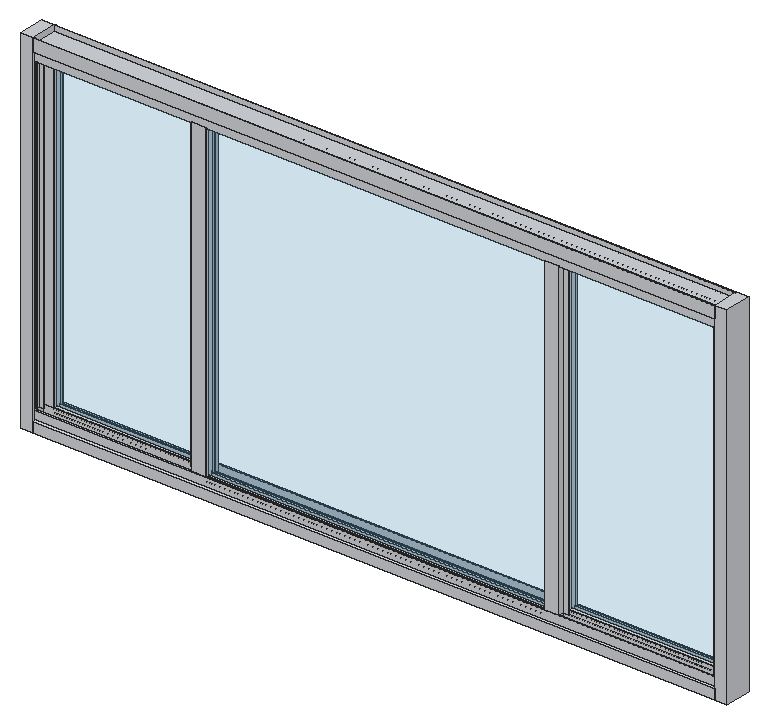
Revit family "MT-VMS_DB-SG_XOX", category Windows, host Wall, Revit 2017 (continued)
Definition of nested family "VMS_DB-SG_XOX_101mm"
  Nested families
    nested 3: "MAIN FRAME 101.6MM_MEDIUM" at (-1000, 0, 0), type "MAIN FRAME 101.6MM_MEDIUM", detail levels medium
    nested 4: "MAIN FRAME 101.6MM_MEDIUM" at (1000, -101.6, 0) x (-1, 0, 0) z (0, 0, 1), type "MAIN FRAME 101.6MM_MEDIUM", detail levels medium
    nested 5: "AS1C CAVITY MAIN FRAME" at (-955, 0, 0), type "AS1C CAVITY MAIN FRAME", detail levels fine
    nested 6: "AS1C CAVITY MAIN FRAME" at (955, -101.6, 0) x (-1, 0, 0) z (0, 0, 1), type "AS1C CAVITY MAIN FRAME", detail levels fine
    nested 7: "VMS_VM8_HEAD DETAIL_FINE" at (0, -101.6, 1000) x (0, 1, 0) z (1, 0, 0), type "VMS_VM8_HEAD DETAIL_FINE", detail levels fine
    nested 8: "VMS_VM10_BOT DETAIL_FINE" at (0, -101.3, 0) x (0, 1, 0) z (1, 0, 0), type "VMS_VM10_BOT DETAIL_FINE", detail levels fine
    nested 9: "VMS_VM8_HEAD DETAIL_MEDIUM" at (0, 0, 1000) x (0, -1, 0) z (1, 0, 0), type "VMS_VM8_HEAD DETAIL_MEDIUM", detail levels medium
    nested 10: "VMS_VM10_BOT DETAIL_MEDIUM" at (0, 0, 0) x (0, -1, 0) z (1, 0, 0), type "VMS_VM10_BOT DETAIL_MEDIUM", detail levels medium
    nested 11: "VMS_DB-SG_GLAZED PANEL" at (0, -66.6, 56), Sash Material <- "FRAME MATERIAL", type "VMS_DB-SG_GLAZED MID PANEL"
      with OPEN no
  Definition of nested family "VMS_DB-SG_GLAZED PANEL"
    Parameters (values of type "VMS_DB-SG_GLAZED MID PANEL")
      YEAR = "2018"  # constant formula
      VERSION = "2.0"  # constant formula
      TODAYS DATE = "22/11/2018"  # constant formula
      Sash Material [instance] = none
      SINGLE GLAZED THICKNESS = 5 mm
      SINGLE GLAZED = not(DOUBLE GLAZED)  # yes
      PANEL WIDTH = 1020 mm
      PANEL HEIGHT = 894 mm
      OPEN [instance] = yes
      GLAZED WIDTH [instance] = 984 mm
      GLAZED RAIL MATERIAL = none
      GLAZED MATERIAL = none
      DOUBLE GLAZED THICKNESS = 15 mm
      DOUBLE GLAZED = no
      CREATOR = "Scott Isouard"  # constant formula
      COMPANY = "Archvis"  # constant formula
      Analytic Construction = "<None>"
      ANZRC COMPLIANT = "Yes"  # constant formula
      AIR POCKET = DOUBLE GLAZED THICKNESS - 10 mm  # 5 mm
    Types (2, lengths in mm): name | PANEL WIDTH | GLAZED WIDTH
      VMS_DB-SG_GLAZED PANEL | 460 | 424
      VMS_DB-SG_GLAZED MID PANEL | 1020 | 984
    Reference planes
      plane 1 "Center (Front/Back)": y = 0
      plane 2: z = 0
      plane 3 "Center (Left/Right)": x = 0
      plane 4: x = -510
      plane 5: x = 510
      plane 6: x = -492
      plane 7: x = 492
      plane 8: z = 894
      plane 9: z = 874
      plane 10: z = 20
      plane 11: z = 447
      plane 12: x = -482.086
      plane 13: x = 482
      plane 14: z = 10
      plane 15: z = 884
    Forms (mm)
      Extrusion 1, solid, material <- "GLAZED MATERIAL", visible <- "SINGLE GLAZED"
        sketch origin (0, 0, 0) x (1, 0, 0) y (0, 1, 0)
          loop
            line (-492, 2.5) -> (-492, -2.5) -> (492, -2.5) -> (492, 2.5) -> (-492, 2.5)
        from 10 to 884
      Extrusion 2, solid, material <- "GLAZED MATERIAL", visible <- "DOUBLE GLAZED"
        sketch origin (0, 0, 0) x (1, 0, 0) y (0, 1, 0)
          loop
            line (-492, 7.5) -> (-492, 2.5) -> (492, 2.5) -> (492, 7.5) -> (-492, 7.5)
          loop
            line (-492, -2.5) -> (-492, -7.5) -> (492, -7.5) -> (492, -2.5) -> (-492, -2.5)
        from 10 to 884
      Sweep 3, solid, material <- "Sash Material"
        path origin (0, 0, 0) x (1, 0, 0) y (0, 0, 1)
          loop
            line (-510, 894) -> (-510, 0)
        profile "VM__PROFILE_SACH SILL : VM__PROFILE_SACH SILL" origin (-510, 0, 447) x (1, 0, 0) y (0, -1, 0)
          loop
            line (0, 13.45) -> (0, -13.45) -> (28, -13.45) -> (28, -9.95) -> (10, -9.95) -> (10, 9.95) -> (28, 9.95) -> (28, 13.45) -> (0, 13.45)
      Sweep 4, solid, material <- "Sash Material"
        path origin (0, 0, 0) x (1, 0, 0) y (0, 0, 1)
          loop
            line (510, 894) -> (510, 0)
        profile "VM__PROFILE_SACH SILL : VM__PROFILE_SACH SILL" origin (510, 0, 447) x (1, 0, 0) y (0, -1, 0)
          loop
            line (0, 13.45) -> (-28, 13.45) -> (-28, 9.95) -> (-10, 9.95) -> (-10, -9.95) -> (-28, -9.95) -> (-28, -13.45) -> (0, -13.45) -> (0, 13.45)
      Sweep 5, solid, material <- "Sash Material"
        path origin (0, 0, 0) x (1, 0, 0) y (0, 0, 1)
          loop
            line (-482.086, 894) -> (482, 894)
        profile "VM__PROFILE_GLAZED RAIL : VM__PROFILE_GLAZED RAIL" origin (-0.043, 0, 894) x (0, 0, 1) y (0, -1, 0)
          loop
            line (-5.417, -13.45) -> (0, -8.033) -> (0, 8.033) -> (-5.417, 13.45) -> (-19.826, 13.45) -> (-19.826, 6.25) -> (-10, 6.25) -> (-10, -6.25) -> (-19.826, -6.25) -> (-19.826, -13.45) -> (-5.417, -13.45)
      Sweep 6, solid, material <- "Sash Material"
        path origin (0, 0, 0) x (1, 0, 0) y (0, 0, 1)
          loop
            line (482, 0) -> (-482.086, 0)
        profile "VM__PROFILE_GLAZED RAIL : VM__PROFILE_GLAZED RAIL" origin (-0.043, 0, 0) x (0, 0, -1) y (0, -1, 0)
          loop
            line (-5.417, -13.45) -> (0, -8.033) -> (0, 8.033) -> (-5.417, 13.45) -> (-19.826, 13.45) -> (-19.826, 6.25) -> (-10, 6.25) -> (-10, -6.25) -> (-19.826, -6.25) -> (-19.826, -13.45) -> (-5.417, -13.45)
    Lines and regions (mm)
      Masking region 1, detail levels coarse
        outline origin (0, 0, 0) x (1, 0, 0) y (0, 1, 0)
          loop
            line (-482.086, 13.45) -> (-510, 13.45) -> (-510, -13.45) -> (-482.086, -13.45) -> (-482.086, 13.45)
          loop
            line (482, 13.45) -> (482, -13.45) -> (510, -13.45) -> (510, 13.45) -> (482, 13.45)
      Masking region 2, detail levels coarse
        outline origin (0, 0, 0) x (0, 1, 0) y (0, 0, 1)
          loop
            line (13.45, 894) -> (-13.45, 894) -> (-13.45, 874.174) -> (13.45, 874.174) -> (13.45, 894)
          loop
            line (13.45, 20) -> (-13.45, 20) -> (-13.45, 0) -> (13.45, 0) -> (13.45, 20)
      model lines, visible <- "OPEN", not visible
        curve 1: line (116.296, -13.45, 713.931) -> (-19.098, -13.45, 715.656)
        curve 2: line (-134.348, -13.45, 741.334) -> (8.162, -13.45, 666.42)
        curve 3: line (8.162, -13.45, 666.42) -> (-19.098, -13.45, 715.656)
        curve 4: line (116.912, -13.45, 762.344) -> (-18.481, -13.45, 764.068)
        curve 5: line (-134.348, -13.45, 741.334) -> (10.023, -13.45, 812.593)
        curve 6: line (10.023, -13.45, 812.593) -> (-18.481, -13.45, 764.068)
        curve 7: line (116.296, -13.45, 713.931) -> (116.912, -13.45, 762.344)
        curve 8: line (116.604, -13.45, 738.138) -> (-134.348, -13.45, 741.334)
        curve 9: line (-2.207, 13.452, 837.659) -> (-4.793, 13.452, 634.675)
      model lines, visible <- "OPEN"
        curve 10: line (120.069, -13.45, 471.208) -> (-15.335, -13.45, 471.208)
        curve 11: line (-130.903, -13.45, 447) -> (12.549, -13.45, 520.092)
        curve 12: line (12.549, -13.45, 520.092) -> (-15.335, -13.45, 471.208)
        curve 13: line (120.069, -13.45, 422.792) -> (-15.335, -13.45, 422.792)
        curve 14: line (-130.903, -13.45, 447) -> (12.549, -13.45, 373.908)
        curve 15: line (12.549, -13.45, 373.908) -> (-15.335, -13.45, 422.792)
        curve 16: line (120.069, -13.45, 471.208) -> (120.069, -13.45, 422.792)
        curve 17: line (120.069, -13.45, 447) -> (-130.903, -13.45, 447)
        curve 18: line (0, 13.452, 349) -> (0, 13.452, 552)
      symbolic lines
        curve 19: line (-496.086, 13.45, 0) -> (496.088, 13.45, 0)
        curve 20: line (-496.086, -13.45, 0) -> (492, -13.45, 0)
        curve 21: line (0, 13.45, 884) -> (0, 13.45, 10)
        curve 22: line (0, -13.45, 884) -> (0, -13.45, 10)
      symbolic lines, visible <- "OPEN"
        curve 23: line (28.745, 39.04, 0) -> (-26.255, 39.04, 0)
        curve 24: line (-26.255, 39.04, 0) -> (-19.184, 46.111, 0)
        curve 25: line (-26.255, 39.04, 0) -> (-19.184, 31.969, 0)
    Dimensions and locks
      equal spacing: plane 4, plane 3 "Center (Left/Right)", plane 5
      "PANEL WIDTH": plane 4 to plane 5
      "PANEL HEIGHT": plane 8 to plane 2
      equal spacing: Extrusion 1 sketch curve, plane 1 "Center (Front/Back)", Extrusion 1 sketch curve
      "SINGLE GLAZED THICKNESS": Extrusion 1 sketch curve to Extrusion 1 sketch curve
      equal spacing: plane 8, plane 11, plane 2
      equal spacing: Extrusion 2 sketch curve, plane 1 "Center (Front/Back)", Extrusion 2 sketch curve  (x2)
      "AIR POCKET": Extrusion 2 sketch curve to Extrusion 2 sketch curve
      "DOUBLE GLAZED THICKNESS": Extrusion 2 sketch curve to Extrusion 2 sketch curve
      locked: plane 4 to plane 12 at 27.914
      locked: plane 13 to plane 5 at 28
      locked: plane 8 to plane 9 at 20
      locked: plane 4 to plane 6 at 18
      locked: plane 7 to plane 5 at 18
      "GLAZED WIDTH": plane 6 to plane 7
      locked: plane 10 to plane 2 at 20
      locked: plane 14 to plane 2 at 10
      locked: plane 8 to plane 15 at 10
      aligned and locked: level to plane 2
      aligned and locked: plane 6 to Extrusion 2 sketch curve  (x2)
      aligned and locked: Extrusion 2 sketch curve to plane 7  (x2)
      aligned and locked: plane 4 to Sweep 3 sketch curve
      aligned and locked: plane 2 to Sweep 3 sketch curve
      aligned and locked: plane 8 to Sweep 3 sketch curve
      aligned and locked: Sweep 4 sketch curve to plane 5
      aligned and locked: plane 8 to Sweep 4 sketch curve
      aligned and locked: plane 2 to Sweep 4 sketch curve
      aligned and locked: Extrusion 1 sketch curve to plane 7
      aligned and locked: plane 6 to Extrusion 1 sketch curve
      aligned and locked: plane 11 to curve 17
      aligned and locked: plane 3 "Center (Left/Right)" to curve 18
      aligned and locked: Sweep 5 sketch curve to plane 8
      aligned and locked: plane 12 to Sweep 5 sketch curve
      aligned and locked: plane 13 to Sweep 5 sketch curve
      aligned and locked: plane 2 to Sweep 6 sketch curve
      aligned and locked: plane 13 to Sweep 6 sketch curve
      aligned and locked: plane 12 to Sweep 6 sketch curve
      aligned and locked: Sweep 5 to Masking region 1 sketch curve  (x2)
      aligned and locked: Masking region 1 sketch curve to Sweep 5  (x3)
      aligned and locked: Masking region 1 sketch curve to plane 4
      aligned and locked: Masking region 1 sketch curve to plane 5
      aligned and locked: Masking region 1 to Sweep 5
      aligned and locked: curve 20 to Sweep 5
      aligned and locked: Masking region 2 sketch curve to Sweep 4  (x2)
      aligned and locked: Sweep 4 to Masking region 2 sketch curve  (x2)
      aligned and locked: Masking region 2 sketch curve to Sweep 5  (x2)
      aligned and locked: Masking region 2 sketch curve to Sweep 6
      aligned and locked: Masking region 2 sketch curve to plane 10
      aligned and locked: nested 1 to plane 1 "Center (Front/Back)"
      aligned and locked: plane 2 to nested 1
      aligned and locked: nested 2 to plane 8
      aligned and locked: plane 1 "Center (Front/Back)" to nested 2
      aligned and locked: nested 3 to plane 8
      aligned and locked: plane 1 "Center (Front/Back)" to nested 3
      aligned and locked: plane 2 to nested 4
      aligned and locked: nested 4 to plane 1 "Center (Front/Back)"
      aligned and locked: Extrusion 2 to Sweep 6
      aligned and locked: Extrusion 2 to Extrusion 1  (x2)
      aligned and locked: nested 5 to plane 8
      aligned and locked: plane 1 "Center (Front/Back)" to nested 5
      aligned and locked: plane 2 to nested 6
      aligned and locked: nested 6 to plane 1 "Center (Front/Back)"
      aligned and locked: plane 2 to nested 7
      aligned and locked: nested 7 to plane 1 "Center (Front/Back)"
      aligned and locked: nested 8 to plane 8
      aligned and locked: plane 1 "Center (Front/Back)" to nested 8
      aligned and locked: Sweep 3 to curve 21
      aligned and locked: curve 22 to Sweep 3
      aligned and locked: curve 19 to Sweep 5
      aligned and locked: plane 7 to curve 20
      aligned and locked: plane 15 to curve 22
      aligned and locked: plane 15 to curve 21
      aligned and locked: plane 14 to curve 21
      aligned and locked: plane 14 to curve 22
      aligned and locked: plane 15 to Extrusion 2
      aligned and locked: plane 4 to nested 9
      aligned and locked: nested 9 to Sweep 3
      aligned and locked: plane 4 to nested 10
      aligned and locked: nested 10 to nested 9
      aligned and locked: plane 4 to nested 11
      aligned and locked: Masking region 1 to plane 13
      aligned and locked: plane 4 to nested 12
      aligned and locked: nested 12 to Sweep 5
      aligned and locked: plane 5 to nested 13
      aligned and locked: nested 13 to Sweep 4
      aligned and locked: plane 5 to nested 14
      aligned and locked: nested 14 to nested 13
      aligned and locked: plane 5 to nested 15
      aligned and locked: nested 14 to nested 15
      aligned and locked: plane 5 to nested 16
      aligned and locked: nested 16 to nested 15  (x2)
      aligned and locked: curve 19 to nested 16
      aligned and locked: nested 12 to curve 19
      aligned and locked: curve 20 to nested 12
    Automatic sketch dimensions
      curve 9 to curve 2 = 34.287 mm
      curve 2 to curve 7 = 118.111 mm
      curve 1 to curve 8 = 24.208 mm
      curve 3 to curve 4 = 48.416 mm
      curve 4 to curve 5 = 56.278 mm
      curve 5 to curve 9 = 27.89 mm
      curve 3 to curve 1 = 118.111 mm
      curve 6 to curve 4 = 118.111 mm
      curve 9 to curve 5 = 27.89 mm
      curve 3 to curve 2 = 56.278 mm
      curve 6 to curve 3 = 48.416 mm
      curve 8 to curve 4 = 118.076 mm
      curve 18 to curve 11 = 34.287 mm
      curve 11 to curve 16 = 118.111 mm
      curve 10 to curve 17 = 24.208 mm
      curve 12 to curve 13 = 48.416 mm
      curve 13 to curve 14 = 56.278 mm
      curve 14 to curve 18 = 27.89 mm
      curve 12 to curve 10 = 118.111 mm
      curve 15 to curve 13 = 118.111 mm
      curve 18 to curve 14 = 27.89 mm
      curve 12 to curve 11 = 56.278 mm
      curve 15 to curve 12 = 48.416 mm
      curve 17 to curve 13 = 118.076 mm
      curve 18 to curve 18 = 2.585 mm
      curve 18 to curve 18 = 202.984 mm
      curve 11 to curve 16 = 47.511 mm
      curve 11 to curve 12 = 49.235 mm
      curve 10 to curve 11 = 25.678 mm
      curve 10 to curve 16 = 48.412 mm
      curve 10 to curve 13 = 48.412 mm
      curve 13 to curve 15 = 48.525 mm
      curve 11 to curve 12 = 115.25 mm
      curve 10 to curve 15 = 0.617 mm
      curve 10 to curve 12 = 27.26 mm
      curve 13 to curve 14 = 28.505 mm
      curve 9 to curve 9 = 2.585 mm
      curve 9 to curve 9 = 202.984 mm
      curve 2 to curve 7 = 47.511 mm
      curve 2 to curve 3 = 49.235 mm
      curve 1 to curve 2 = 25.678 mm
      curve 1 to curve 7 = 48.412 mm
      curve 1 to curve 4 = 48.412 mm
      curve 4 to curve 6 = 48.525 mm
      curve 3 to curve 2 = 115.25 mm
      curve 6 to curve 1 = 0.617 mm
      curve 3 to curve 1 = 27.26 mm
      curve 5 to curve 4 = 28.505 mm
      Masking region 1 sketch curve to plane 13 = 0 mm
      curve 23 to plane 3 "Center (Left/Right)" = 26.255 mm
      curve 24 to plane 1 "Center (Front/Back)" = 39.04 mm
      plane 3 "Center (Left/Right)" to curve 23 = 28.745 mm
      curve 24 to curve 24 = 7.071 mm
      curve 25 to curve 25 = 7.071 mm  (x2)
      curve 19 to plane 6 = 4.086 mm
      curve 20 to plane 6 = 4.086 mm
      plane 7 to curve 19 = 4.088 mm
    Nested families
      nested 1: "VM62_DOUBLE GLAZE RAIL_Mid detail" at (0, 0, 0) x (0, 0, 1) z (1, 0, 0), visible <- "DOUBLE GLAZED", type "VM62_DOUBLE GLAZE RAIL_Mid detail", detail levels medium
      nested 2: "VM62_DOUBLE GLAZE RAIL_Mid detail" at (0, 0, 894) x (0, 0, -1) z (1, 0, 0), visible <- "DOUBLE GLAZED", type "VM62_DOUBLE GLAZE RAIL_Mid detail", detail levels medium
      nested 3: "VM62_SGL GLAZE RAIL_Mid detail" at (0, 0, 894) x (0, 0, -1) z (1, 0, 0), visible <- "SINGLE GLAZED", type "VM62_SGL GLAZE RAIL_Mid detail", detail levels medium
      nested 4: "VM62_SGL GLAZE RAIL_Mid detail" at (0, 0, 0) x (0, 0, 1) z (1, 0, 0), visible <- "SINGLE GLAZED", type "VM62_SGL GLAZE RAIL_Mid detail", detail levels medium
      nested 5: "vm1_single glaze rail" at (0, 0, 894) x (0, 0, -1) z (1, 0, 0), visible <- "SINGLE GLAZED", type "vm1_single glaze rail", detail levels fine
      nested 6: "vm1_single glaze rail" at (0, 0, 0) x (0, 0, 1) z (1, 0, 0), visible <- "SINGLE GLAZED", type "vm1_single glaze rail", detail levels fine
      nested 7: "VM62_DOUBLE GLAZE RAIL" at (0, 0, 0) x (0, 0, 1) z (1, 0, 0), visible <- "DOUBLE GLAZED", type "VM62_DOUBLE GLAZE RAIL", detail levels fine
      nested 8: "VM62_DOUBLE GLAZE RAIL" at (0, 0, 894) x (0, 0, -1) z (1, 0, 0), visible <- "DOUBLE GLAZED", type "VM62_DOUBLE GLAZE RAIL", detail levels fine
      nested 9: "VMS_V3_SGL_FINE" at (-510, 13.45, 0), visible <- "SINGLE GLAZED", type "VMS_V3_SGL_FINE", detail levels fine
      nested 10: "VMS_V3_SGL_MEDIUM" at (-510, 13.45, 0), visible <- "SINGLE GLAZED", type "VMS_V3_SGL_MEDIUM", detail levels medium
      nested 11: "VMS_VM64_SILL DETAIL_FINE" at (-510, 13.45, 0), visible <- "DOUBLE GLAZED", type "VMS_VM64_SILL DETAIL_FINE", detail levels fine
      nested 12: "VMS_VM64_SILL DETAIL_MEDIUM" at (-510, 13.45, 0), visible <- "DOUBLE GLAZED", type "VMS_VM64_SILL DETAIL_MEDIUM", detail levels medium
      nested 13: "VMS_VM5_SILL DETAIL_FINE" at (510, -13.45, 0) x (0, 1, 0) z (0, 0, 1), visible <- "SINGLE GLAZED", type "VMS_VM5_SILL DETAIL_FINE", detail levels fine
      nested 14: "VMS_VM5_SILL DETAIL_MEDIUM" at (510, -13.45, 0) x (0, 1, 0) z (0, 0, 1), visible <- "SINGLE GLAZED", type "VMS_VM5_SILL DETAIL_MEDIUM", detail levels medium
      nested 15: "VMS_VM66_SILL DETAIL_FINE" at (510, -13.45, 0) x (0, 1, 0) z (0, 0, 1), visible <- "DOUBLE GLAZED", type "VMS_VM66_SILL DETAIL_FINE", detail levels fine
      nested 16: "VMS_VM66_SILL DETAIL_MEDIUM" at (510, -13.45, 0) x (0, 1, 0) z (0, 0, 1), visible <- "DOUBLE GLAZED", type "VMS_VM66_SILL DETAIL_MEDIUM", detail levels medium
    Definition of nested family "VM62_DOUBLE GLAZE RAIL_Mid detail"
      Reference planes
        plane 1 "Center (Front/Back)": y = 0
        plane 2: z = 0
        plane 3 "Center (Left/Right)": x = 0
        plane 4: x = 10
      Lines and regions (mm)
        detail lines, in view "Ref. Level"
          curve 1: line (19.826, 13.45, 0) -> (19.826, 10.52, 0)
          curve 2: line (19.826, 10.52, 0) -> (10, 10.52, 0)
          curve 3: line (10, -10.52, 0) -> (19.826, -10.52, 0)
          curve 4: line (19.826, -10.52, 0) -> (19.826, -13.45, 0)
          curve 5: line (19.826, -13.45, 0) -> (5.417, -13.45, 0)
          curve 6: line (5.417, -13.45, 0) -> (0, -8.033, 0)
          curve 7: line (0, -8.033, 0) -> (0, 8.033, 0)
          curve 8: line (0, 8.033, 0) -> (5.417, 13.45, 0)
          curve 9: line (5.417, 13.45, 0) -> (19.826, 13.45, 0)
          curve 10: line (10, -10.52, 0) -> (10, 10.52, 0)
      Dimensions and locks
        plane 3 "Center (Left/Right)" to plane 4 = 10 mm
    Definition of nested family "VM62_SGL GLAZE RAIL_Mid detail"
      Reference planes
        plane 1 "Center (Front/Back)": y = 0
        plane 2: z = 0
        plane 3 "Center (Left/Right)": x = 0
        plane 4: x = 10
      Lines and regions (mm)
        detail lines, in view "Ref. Level"
          curve 1: line (19.826, 13.45, 0) -> (19.826, 6.45, 0)
          curve 2: line (19.826, 6.45, 0) -> (10, 6.45, 0)
          curve 3: line (10, -6.45, 0) -> (19.826, -6.45, 0)
          curve 4: line (19.826, -6.45, 0) -> (19.826, -13.45, 0)
          curve 5: line (19.826, -13.45, 0) -> (5.417, -13.45, 0)
          curve 6: line (5.417, -13.45, 0) -> (0, -8.033, 0)
          curve 7: line (0, -8.033, 0) -> (0, 8.033, 0)
          curve 8: line (0, 8.033, 0) -> (5.417, 13.45, 0)
          curve 9: line (5.417, 13.45, 0) -> (19.826, 13.45, 0)
          curve 10: line (10, -6.45, 0) -> (10, 6.45, 0)
      Dimensions and locks
        plane 3 "Center (Left/Right)" to plane 4 = 10 mm
    Definition of nested family "vm1_single glaze rail"
      Reference planes
        plane 1 "Center (Front/Back)": y = 0
        plane 2: z = 0
        plane 3 "Center (Left/Right)": x = 0
      Lines and regions (mm)
        detail lines, in view "Ref. Level"
          curve 1: arc (5.316, -8.679, 0) -> (5.078, -8.372, 0) -> (4.771, -8.134, 0) r 1.525
          curve 2: arc (3.99, -7.925, 0) -> (3.633, -7.97, 0) -> (3.297, -8.097, 0) r 1.525
          curve 3: arc (2.647, -8.747, 0) -> (2.525, -9.062, 0) -> (2.476, -9.396, 0) r 1.525
          curve 4: arc (2.476, -9.396, 0) -> (2.18, -9.815, 0) -> (1.678, -9.711, 0) r 0.468
          curve 5: arc (0.088, -8.121, 0) -> (0.023, -8.024, 0) -> (0, -7.909, 0) r 0.3
          curve 6: arc (0, 7.909, 0) -> (0.023, 8.024, 0) -> (0.088, 8.121, 0) r 0.3
          curve 7: arc (1.678, 9.711, 0) -> (2.18, 9.815, 0) -> (2.476, 9.396, 0) r 0.468
          curve 8: arc (2.476, 9.396, 0) -> (2.525, 9.062, 0) -> (2.647, 8.747, 0) r 1.525
          curve 9: arc (3.297, 8.097, 0) -> (3.633, 7.97, 0) -> (3.99, 7.925, 0) r 1.525
          curve 10: arc (4.771, 8.134, 0) -> (5.078, 8.372, 0) -> (5.316, 8.679, 0) r 1.525
          curve 11: arc (5.525, 9.46, 0) -> (5.48, 9.817, 0) -> (5.353, 10.153, 0) r 1.525
          curve 12: arc (4.703, 10.803, 0) -> (4.388, 10.925, 0) -> (4.054, 10.974, 0) r 1.525
          curve 13: arc (4.054, 10.974, 0) -> (3.635, 11.27, 0) -> (3.739, 11.772, 0) r 0.468
          curve 14: arc (5.329, 13.362, 0) -> (5.426, 13.427, 0) -> (5.541, 13.45, 0) r 0.3
          curve 15: arc (13.831, 13.45, 0) -> (14.236, 13.045, 0) -> (13.831, 12.64, 0) r 0.405
          curve 16: arc (13.126, 11.82, 0) -> (13.214, 11.608, 0) -> (13.426, 11.52, 0) r 0.3
          curve 17: arc (13.936, 11.52, 0) -> (14.149, 11.432, 0) -> (14.236, 11.22, 0) r 0.3
          curve 18: arc (14.236, 10.62, 0) -> (14.149, 10.408, 0) -> (13.936, 10.32, 0) r 0.3
          curve 19: arc (13.426, 10.32, 0) -> (13.214, 10.232, 0) -> (13.126, 10.02, 0) r 0.3
          curve 20: arc (13.126, 8.576, 0) -> (13.214, 8.364, 0) -> (13.426, 8.276, 0) r 0.3
          curve 21: arc (18.226, 8.276, 0) -> (18.439, 8.364, 0) -> (18.526, 8.576, 0) r 0.3
          curve 22: arc (18.526, 10.02, 0) -> (18.439, 10.232, 0) -> (18.226, 10.32, 0) r 0.3
          curve 23: arc (17.716, 10.32, 0) -> (17.504, 10.408, 0) -> (17.416, 10.62, 0) r 0.3
          curve 24: arc (17.416, 11.22, 0) -> (17.504, 11.432, 0) -> (17.716, 11.52, 0) r 0.3
          curve 25: arc (18.226, 11.52, 0) -> (18.439, 11.608, 0) -> (18.526, 11.82, 0) r 0.3
          curve 26: arc (17.821, 12.64, 0) -> (17.416, 13.045, 0) -> (17.821, 13.45, 0) r 0.405
          curve 27: arc (19.026, 13.45, 0) -> (19.592, 13.216, 0) -> (19.826, 12.65, 0) r 0.8
          curve 28: arc (19.826, 6.961, 0) -> (19.751, 6.727, 0) -> (19.553, 6.581, 0) r 0.4
          curve 29: arc (18.59, 6.26, 0) -> (18.409, 6.288, 0) -> (18.326, 6.45, 0) r 0.2
          curve 30: arc (17.137, 6.284, 0) -> (16.932, 6.274, 0) -> (16.826, 6.45, 0) r 0.2
          curve 31: arc (15.637, 6.284, 0) -> (15.432, 6.274, 0) -> (15.326, 6.45, 0) r 0.2
          curve 32: arc (14.137, 6.284, 0) -> (13.932, 6.274, 0) -> (13.826, 6.45, 0) r 0.2
          curve 33: arc (13.426, 7.25, 0) -> (12.366, 7.689, 0) -> (11.926, 8.75, 0) r 1.5
          curve 34: arc (11.926, 11.75, 0) -> (11.839, 11.962, 0) -> (11.626, 12.05, 0) r 0.3
          curve 35: arc (6.463, 12.05, 0) -> (6.188, 11.87, 0) -> (6.244, 11.545, 0) r 0.3
          curve 36: arc (6.244, 11.545, 0) -> (7.057, 9.17, 0) -> (5.826, 6.982, 0) r 3.07
          curve 37: arc (5.826, 6.982, 0) -> (3.825, 6.385, 0) -> (1.905, 7.206, 0) r 3.07
          curve 38: arc (1.905, 7.206, 0) -> (1.58, 7.262, 0) -> (1.4, 6.987, 0) r 0.3
          curve 39: arc (1.4, -6.987, 0) -> (1.58, -7.262, 0) -> (1.905, -7.206, 0) r 0.3
          curve 40: arc (1.905, -7.206, 0) -> (3.825, -6.385, 0) -> (5.826, -6.982, 0) r 3.07
          curve 41: arc (5.826, -6.982, 0) -> (7.057, -9.17, 0) -> (6.244, -11.545, 0) r 3.07
          curve 42: arc (6.244, -11.545, 0) -> (6.188, -11.87, 0) -> (6.463, -12.05, 0) r 0.3
          curve 43: arc (11.626, -12.05, 0) -> (11.839, -11.962, 0) -> (11.926, -11.75, 0) r 0.3
          curve 44: arc (11.926, -8.75, 0) -> (12.366, -7.689, 0) -> (13.426, -7.25, 0) r 1.5
          curve 45: arc (13.826, -6.45, 0) -> (13.932, -6.274, 0) -> (14.137, -6.284, 0) r 0.2
          curve 46: arc (15.326, -6.45, 0) -> (15.432, -6.274, 0) -> (15.637, -6.284, 0) r 0.2
          curve 47: arc (16.826, -6.45, 0) -> (16.932, -6.274, 0) -> (17.137, -6.284, 0) r 0.2
          curve 48: arc (18.326, -6.45, 0) -> (18.409, -6.288, 0) -> (18.59, -6.26, 0) r 0.2
          curve 49: arc (19.553, -6.581, 0) -> (19.751, -6.727, 0) -> (19.826, -6.961, 0) r 0.4
          curve 50: arc (19.826, -12.65, 0) -> (19.592, -13.216, 0) -> (19.026, -13.45, 0) r 0.8
          curve 51: arc (17.821, -13.45, 0) -> (17.416, -13.045, 0) -> (17.821, -12.64, 0) r 0.405
          curve 52: arc (18.526, -11.82, 0) -> (18.439, -11.608, 0) -> (18.226, -11.52, 0) r 0.3
          curve 53: arc (17.716, -11.52, 0) -> (17.504, -11.432, 0) -> (17.416, -11.22, 0) r 0.3
          curve 54: arc (17.416, -10.62, 0) -> (17.504, -10.408, 0) -> (17.716, -10.32, 0) r 0.3
          curve 55: arc (18.226, -10.32, 0) -> (18.439, -10.232, 0) -> (18.526, -10.02, 0) r 0.3
          curve 56: arc (18.526, -8.576, 0) -> (18.439, -8.364, 0) -> (18.226, -8.276, 0) r 0.3
          curve 57: arc (13.426, -8.276, 0) -> (13.214, -8.364, 0) -> (13.126, -8.576, 0) r 0.3
          curve 58: arc (13.126, -10.02, 0) -> (13.214, -10.232, 0) -> (13.426, -10.32, 0) r 0.3
          curve 59: arc (13.936, -10.32, 0) -> (14.149, -10.408, 0) -> (14.236, -10.62, 0) r 0.3
          curve 60: arc (14.236, -11.22, 0) -> (14.149, -11.432, 0) -> (13.936, -11.52, 0) r 0.3
          curve 61: arc (13.426, -11.52, 0) -> (13.214, -11.608, 0) -> (13.126, -11.82, 0) r 0.3
          curve 62: arc (13.831, -12.64, 0) -> (14.236, -13.045, 0) -> (13.831, -13.45, 0) r 0.405
          curve 63: arc (5.541, -13.45, 0) -> (5.426, -13.427, 0) -> (5.329, -13.362, 0) r 0.3
          curve 64: arc (3.739, -11.772, 0) -> (3.635, -11.27, 0) -> (4.054, -10.974, 0) r 0.468
          curve 65: arc (4.054, -10.974, 0) -> (4.388, -10.925, 0) -> (4.703, -10.803, 0) r 1.525
          curve 66: arc (5.353, -10.153, 0) -> (5.48, -9.817, 0) -> (5.525, -9.46, 0) r 1.525
          curve 67: line (4.771, -8.134, 0) -> (4.485, -7.639, 0)
          curve 68: line (4.485, -7.639, 0) -> (3.99, -7.925, 0)
          curve 69: line (3.297, -8.097, 0) -> (2.675, -8.125, 0)
          curve 70: line (2.675, -8.125, 0) -> (2.647, -8.747, 0)
          curve 71: line (1.678, -9.711, 0) -> (0.088, -8.121, 0)
          curve 72: line (0, -7.909, 0) -> (0, 7.909, 0)
          curve 73: line (0.088, 8.121, 0) -> (1.678, 9.711, 0)
          curve 74: line (2.647, 8.747, 0) -> (2.675, 8.125, 0)
          curve 75: line (2.675, 8.125, 0) -> (3.297, 8.097, 0)
          curve 76: line (3.99, 7.925, 0) -> (4.485, 7.639, 0)
          curve 77: line (4.485, 7.639, 0) -> (4.771, 8.134, 0)
          curve 78: line (5.316, 8.679, 0) -> (5.811, 8.965, 0)
          curve 79: line (5.811, 8.965, 0) -> (5.525, 9.46, 0)
          curve 80: line (5.353, 10.153, 0) -> (5.325, 10.775, 0)
          curve 81: line (5.325, 10.775, 0) -> (4.703, 10.803, 0)
          curve 82: line (3.739, 11.772, 0) -> (5.329, 13.362, 0)
          curve 83: line (5.541, 13.45, 0) -> (13.831, 13.45, 0)
          curve 84: line (13.831, 12.64, 0) -> (13.126, 12.64, 0)
          curve 85: line (13.126, 12.64, 0) -> (13.126, 11.82, 0)
          curve 86: line (13.426, 11.52, 0) -> (13.936, 11.52, 0)
          curve 87: line (14.236, 11.22, 0) -> (14.236, 10.62, 0)
          curve 88: line (13.936, 10.32, 0) -> (13.426, 10.32, 0)
          curve 89: line (13.126, 10.02, 0) -> (13.126, 8.576, 0)
          curve 90: line (13.426, 8.276, 0) -> (18.226, 8.276, 0)
          curve 91: line (18.526, 8.576, 0) -> (18.526, 10.02, 0)
          curve 92: line (18.226, 10.32, 0) -> (17.716, 10.32, 0)
          curve 93: line (17.416, 10.62, 0) -> (17.416, 11.22, 0)
          curve 94: line (17.716, 11.52, 0) -> (18.226, 11.52, 0)
          curve 95: line (18.526, 11.82, 0) -> (18.526, 12.64, 0)
          curve 96: line (18.526, 12.64, 0) -> (17.821, 12.64, 0)
          curve 97: line (17.821, 13.45, 0) -> (19.026, 13.45, 0)
          curve 98: line (19.826, 12.65, 0) -> (19.826, 6.961, 0)
          curve 99: line (19.553, 6.581, 0) -> (18.59, 6.26, 0)
          curve 100: line (18.326, 6.45, 0) -> (18.326, 7.076, 0)
          curve 101: line (18.326, 7.076, 0) -> (17.137, 6.284, 0)
          curve 102: line (16.826, 6.45, 0) -> (16.826, 7.076, 0)
          curve 103: line (16.826, 7.076, 0) -> (15.637, 6.284, 0)
          curve 104: line (15.326, 6.45, 0) -> (15.326, 7.076, 0)
          curve 105: line (15.326, 7.076, 0) -> (14.137, 6.284, 0)
          curve 106: line (13.826, 6.45, 0) -> (13.826, 7.25, 0)
          curve 107: line (13.826, 7.25, 0) -> (13.426, 7.25, 0)
          curve 108: line (11.926, 8.75, 0) -> (11.926, 11.75, 0)
          curve 109: line (11.626, 12.05, 0) -> (6.463, 12.05, 0)
          curve 110: line (1.4, 6.987, 0) -> (1.4, -6.987, 0)
          curve 111: line (6.463, -12.05, 0) -> (11.626, -12.05, 0)
          curve 112: line (11.926, -11.75, 0) -> (11.926, -8.75, 0)
          curve 113: line (13.426, -7.25, 0) -> (13.826, -7.25, 0)
          curve 114: line (13.826, -7.25, 0) -> (13.826, -6.45, 0)
          curve 115: line (14.137, -6.284, 0) -> (15.326, -7.076, 0)
          curve 116: line (15.326, -7.076, 0) -> (15.326, -6.45, 0)
          curve 117: line (15.637, -6.284, 0) -> (16.826, -7.076, 0)
          curve 118: line (16.826, -7.076, 0) -> (16.826, -6.45, 0)
          curve 119: line (17.137, -6.284, 0) -> (18.326, -7.076, 0)
          curve 120: line (18.326, -7.076, 0) -> (18.326, -6.45, 0)
          curve 121: line (18.59, -6.26, 0) -> (19.553, -6.581, 0)
          curve 122: line (19.826, -6.961, 0) -> (19.826, -12.65, 0)
          curve 123: line (19.026, -13.45, 0) -> (17.821, -13.45, 0)
          curve 124: line (17.821, -12.64, 0) -> (18.526, -12.64, 0)
          curve 125: line (18.526, -12.64, 0) -> (18.526, -11.82, 0)
          curve 126: line (18.226, -11.52, 0) -> (17.716, -11.52, 0)
          curve 127: line (17.416, -11.22, 0) -> (17.416, -10.62, 0)
          curve 128: line (17.716, -10.32, 0) -> (18.226, -10.32, 0)
          curve 129: line (18.526, -10.02, 0) -> (18.526, -8.576, 0)
          curve 130: line (18.226, -8.276, 0) -> (13.426, -8.276, 0)
          curve 131: line (13.126, -8.576, 0) -> (13.126, -10.02, 0)
          curve 132: line (13.426, -10.32, 0) -> (13.936, -10.32, 0)
          curve 133: line (14.236, -10.62, 0) -> (14.236, -11.22, 0)
          curve 134: line (13.936, -11.52, 0) -> (13.426, -11.52, 0)
          curve 135: line (13.126, -11.82, 0) -> (13.126, -12.64, 0)
          curve 136: line (13.126, -12.64, 0) -> (13.831, -12.64, 0)
          curve 137: line (13.831, -13.45, 0) -> (5.541, -13.45, 0)
          curve 138: line (5.329, -13.362, 0) -> (3.739, -11.772, 0)
          curve 139: line (4.703, -10.803, 0) -> (5.325, -10.775, 0)
          curve 140: line (5.325, -10.775, 0) -> (5.353, -10.153, 0)
          curve 141: line (5.525, -9.46, 0) -> (5.811, -8.965, 0)
          curve 142: line (5.811, -8.965, 0) -> (5.316, -8.679, 0)
    Definition of nested family "VM62_DOUBLE GLAZE RAIL"
      Reference planes
        plane 1 "Center (Front/Back)": y = 0
        plane 2: z = 0
        plane 3 "Center (Left/Right)": x = 0
      Lines and regions (mm)
        detail lines, in view "Ref. Level"
          curve 1: arc (17.821, 12.64, 0) -> (17.416, 13.045, 0) -> (17.821, 13.45, 0) r 0.405
          curve 2: arc (19.026, 13.45, 0) -> (19.592, 13.216, 0) -> (19.826, 12.65, 0) r 0.8
          curve 3: arc (19.826, 10.711, 0) -> (19.751, 10.477, 0) -> (19.553, 10.331, 0) r 0.4
          curve 4: arc (18.59, 10.01, 0) -> (18.409, 10.038, 0) -> (18.326, 10.2, 0) r 0.2
          curve 5: arc (17.102, 10.002, 0) -> (16.915, 10.021, 0) -> (16.826, 10.187, 0) r 0.2
          curve 6: arc (15.602, 10.009, 0) -> (15.415, 10.028, 0) -> (15.326, 10.194, 0) r 0.2
          curve 7: arc (14.102, 10.016, 0) -> (13.915, 10.035, 0) -> (13.826, 10.201, 0) r 0.2
          curve 8: arc (12.726, 10.52, 0) -> (12.161, 10.754, 0) -> (11.926, 11.32, 0) r 0.8
          curve 9: arc (11.926, 11.75, 0) -> (11.839, 11.962, 0) -> (11.626, 12.05, 0) r 0.3
          curve 10: arc (6.463, 12.05, 0) -> (6.188, 11.87, 0) -> (6.244, 11.545, 0) r 0.3
          curve 11: arc (6.244, 11.545, 0) -> (7.057, 9.17, 0) -> (5.826, 6.982, 0) r 3.07
          curve 12: arc (5.826, 6.982, 0) -> (3.825, 6.385, 0) -> (1.905, 7.206, 0) r 3.07
          curve 13: arc (1.905, 7.206, 0) -> (1.58, 7.262, 0) -> (1.4, 6.987, 0) r 0.3
          curve 14: arc (1.4, -6.987, 0) -> (1.58, -7.262, 0) -> (1.905, -7.206, 0) r 0.3
          curve 15: arc (1.905, -7.206, 0) -> (3.825, -6.385, 0) -> (5.826, -6.982, 0) r 3.07
          curve 16: arc (5.826, -6.982, 0) -> (7.057, -9.17, 0) -> (6.244, -11.545, 0) r 3.07
          curve 17: arc (6.244, -11.545, 0) -> (6.188, -11.87, 0) -> (6.463, -12.05, 0) r 0.3
          curve 18: arc (11.626, -12.05, 0) -> (11.839, -11.962, 0) -> (11.926, -11.75, 0) r 0.3
          curve 19: arc (11.926, -11.32, 0) -> (12.161, -10.754, 0) -> (12.726, -10.52, 0) r 0.8
          curve 20: arc (13.826, -10.201, 0) -> (13.915, -10.035, 0) -> (14.102, -10.016, 0) r 0.2
          curve 21: arc (15.326, -10.194, 0) -> (15.415, -10.028, 0) -> (15.602, -10.009, 0) r 0.2
          curve 22: arc (16.826, -10.187, 0) -> (16.915, -10.021, 0) -> (17.102, -10.002, 0) r 0.2
          curve 23: arc (18.326, -10.2, 0) -> (18.409, -10.038, 0) -> (18.59, -10.01, 0) r 0.2
          curve 24: arc (19.553, -10.331, 0) -> (19.751, -10.477, 0) -> (19.826, -10.711, 0) r 0.4
          curve 25: arc (19.826, -12.65, 0) -> (19.592, -13.216, 0) -> (19.026, -13.45, 0) r 0.8
          curve 26: arc (17.821, -13.45, 0) -> (17.416, -13.045, 0) -> (17.821, -12.64, 0) r 0.405
          curve 27: arc (13.831, -12.64, 0) -> (14.236, -13.045, 0) -> (13.831, -13.45, 0) r 0.405
          curve 28: arc (5.541, -13.45, 0) -> (5.426, -13.427, 0) -> (5.329, -13.362, 0) r 0.3
          curve 29: arc (3.739, -11.772, 0) -> (3.635, -11.27, 0) -> (4.054, -10.974, 0) r 0.468
          curve 30: arc (4.054, -10.974, 0) -> (4.388, -10.925, 0) -> (4.703, -10.803, 0) r 1.525
          curve 31: arc (5.353, -10.153, 0) -> (5.48, -9.817, 0) -> (5.525, -9.46, 0) r 1.525
          curve 32: arc (5.316, -8.679, 0) -> (5.078, -8.372, 0) -> (4.771, -8.134, 0) r 1.525
          curve 33: arc (3.99, -7.925, 0) -> (3.633, -7.97, 0) -> (3.297, -8.097, 0) r 1.525
          curve 34: arc (2.647, -8.747, 0) -> (2.525, -9.062, 0) -> (2.476, -9.396, 0) r 1.525
          curve 35: arc (2.476, -9.396, 0) -> (2.18, -9.815, 0) -> (1.678, -9.711, 0) r 0.468
          curve 36: arc (0.088, -8.121, 0) -> (0.023, -8.024, 0) -> (0, -7.909, 0) r 0.3
          curve 37: arc (0, 7.909, 0) -> (0.023, 8.024, 0) -> (0.088, 8.121, 0) r 0.3
          curve 38: arc (1.678, 9.711, 0) -> (2.18, 9.815, 0) -> (2.476, 9.396, 0) r 0.468
          curve 39: arc (2.476, 9.396, 0) -> (2.525, 9.062, 0) -> (2.647, 8.747, 0) r 1.525
          curve 40: arc (3.297, 8.097, 0) -> (3.633, 7.97, 0) -> (3.99, 7.925, 0) r 1.525
          curve 41: arc (4.771, 8.134, 0) -> (5.078, 8.372, 0) -> (5.316, 8.679, 0) r 1.525
          curve 42: arc (5.525, 9.46, 0) -> (5.48, 9.817, 0) -> (5.353, 10.153, 0) r 1.525
          curve 43: arc (4.703, 10.803, 0) -> (4.388, 10.925, 0) -> (4.054, 10.974, 0) r 1.525
          curve 44: arc (4.054, 10.974, 0) -> (3.635, 11.27, 0) -> (3.739, 11.772, 0) r 0.468
          curve 45: arc (5.329, 13.362, 0) -> (5.426, 13.427, 0) -> (5.541, 13.45, 0) r 0.3
          curve 46: arc (13.831, 13.45, 0) -> (14.236, 13.045, 0) -> (13.831, 12.64, 0) r 0.405
          curve 47: line (13.831, 12.64, 0) -> (13.126, 12.64, 0)
          curve 48: line (13.126, 12.64, 0) -> (13.126, 11.52, 0)
          curve 49: line (13.126, 11.52, 0) -> (18.526, 11.52, 0)
          curve 50: line (18.526, 11.52, 0) -> (18.526, 12.64, 0)
          curve 51: line (18.526, 12.64, 0) -> (17.821, 12.64, 0)
          curve 52: line (17.821, 13.45, 0) -> (19.026, 13.45, 0)
          curve 53: line (19.826, 12.65, 0) -> (19.826, 10.711, 0)
          curve 54: line (19.553, 10.331, 0) -> (18.59, 10.01, 0)
          curve 55: line (18.326, 10.2, 0) -> (18.326, 10.499, 0)
          curve 56: line (18.326, 10.499, 0) -> (17.102, 10.002, 0)
          curve 57: line (16.826, 10.187, 0) -> (16.826, 10.506, 0)
          curve 58: line (16.826, 10.506, 0) -> (15.602, 10.009, 0)
          curve 59: line (15.326, 10.194, 0) -> (15.326, 10.513, 0)
          curve 60: line (15.326, 10.513, 0) -> (14.102, 10.016, 0)
          curve 61: line (13.826, 10.201, 0) -> (13.826, 10.52, 0)
          curve 62: line (13.826, 10.52, 0) -> (12.726, 10.52, 0)
          curve 63: line (11.926, 11.32, 0) -> (11.926, 11.75, 0)
          curve 64: line (11.626, 12.05, 0) -> (6.463, 12.05, 0)
          curve 65: line (1.4, 6.987, 0) -> (1.4, -6.987, 0)
          curve 66: line (6.463, -12.05, 0) -> (11.626, -12.05, 0)
          curve 67: line (11.926, -11.75, 0) -> (11.926, -11.32, 0)
          curve 68: line (12.726, -10.52, 0) -> (13.826, -10.52, 0)
          curve 69: line (13.826, -10.52, 0) -> (13.826, -10.201, 0)
          curve 70: line (14.102, -10.016, 0) -> (15.326, -10.513, 0)
          curve 71: line (15.326, -10.513, 0) -> (15.326, -10.194, 0)
          curve 72: line (15.602, -10.009, 0) -> (16.826, -10.506, 0)
          curve 73: line (16.826, -10.506, 0) -> (16.826, -10.187, 0)
          curve 74: line (17.102, -10.002, 0) -> (18.326, -10.499, 0)
          curve 75: line (18.326, -10.499, 0) -> (18.326, -10.2, 0)
          curve 76: line (18.59, -10.01, 0) -> (19.553, -10.331, 0)
          curve 77: line (19.826, -10.711, 0) -> (19.826, -12.65, 0)
          curve 78: line (19.026, -13.45, 0) -> (17.821, -13.45, 0)
          curve 79: line (17.821, -12.64, 0) -> (18.526, -12.64, 0)
          curve 80: line (18.526, -12.64, 0) -> (18.526, -11.52, 0)
          curve 81: line (18.526, -11.52, 0) -> (13.126, -11.52, 0)
          curve 82: line (13.126, -11.52, 0) -> (13.126, -12.64, 0)
          curve 83: line (13.126, -12.64, 0) -> (13.831, -12.64, 0)
          curve 84: line (13.831, -13.45, 0) -> (5.541, -13.45, 0)
          curve 85: line (5.329, -13.362, 0) -> (3.739, -11.772, 0)
          curve 86: line (4.703, -10.803, 0) -> (5.325, -10.775, 0)
          curve 87: line (5.325, -10.775, 0) -> (5.353, -10.153, 0)
          curve 88: line (5.525, -9.46, 0) -> (5.811, -8.965, 0)
          curve 89: line (5.811, -8.965, 0) -> (5.316, -8.679, 0)
          curve 90: line (4.771, -8.134, 0) -> (4.485, -7.639, 0)
          curve 91: line (4.485, -7.639, 0) -> (3.99, -7.925, 0)
          curve 92: line (3.297, -8.097, 0) -> (2.675, -8.125, 0)
          curve 93: line (2.675, -8.125, 0) -> (2.647, -8.747, 0)
          curve 94: line (1.678, -9.711, 0) -> (0.088, -8.121, 0)
          curve 95: line (0, -7.909, 0) -> (0, 7.909, 0)
          curve 96: line (0.088, 8.121, 0) -> (1.678, 9.711, 0)
          curve 97: line (2.647, 8.747, 0) -> (2.675, 8.125, 0)
          curve 98: line (2.675, 8.125, 0) -> (3.297, 8.097, 0)
          curve 99: line (3.99, 7.925, 0) -> (4.485, 7.639, 0)
          curve 100: line (4.485, 7.639, 0) -> (4.771, 8.134, 0)
          curve 101: line (5.316, 8.679, 0) -> (5.811, 8.965, 0)
          curve 102: line (5.811, 8.965, 0) -> (5.525, 9.46, 0)
          curve 103: line (5.353, 10.153, 0) -> (5.325, 10.775, 0)
          curve 104: line (5.325, 10.775, 0) -> (4.703, 10.803, 0)
          curve 105: line (3.739, 11.772, 0) -> (5.329, 13.362, 0)
          curve 106: line (5.541, 13.45, 0) -> (13.831, 13.45, 0)
    Definition of nested family "VMS_V3_SGL_FINE"
      Reference planes
        plane 1 "Center (Front/Back)": y = 0
        plane 2: z = 0
        plane 3 "Center (Left/Right)": x = 0
      Lines and regions (mm)
        model lines, in view "Ref. Level"
          curve 1: arc (27.114, -24.15, 0) -> (27.68, -23.916, 0) -> (27.914, -23.35, 0) r 0.8
          curve 2: arc (27.914, -20.411, 0) -> (27.839, -20.177, 0) -> (27.641, -20.031, 0) r 0.4
          curve 3: arc (26.677, -19.71, 0) -> (26.497, -19.738, 0) -> (26.414, -19.9, 0) r 0.2
          curve 4: arc (25.177, -19.71, 0) -> (24.997, -19.738, 0) -> (24.914, -19.9, 0) r 0.2
          curve 5: arc (23.677, -19.71, 0) -> (23.497, -19.738, 0) -> (23.414, -19.9, 0) r 0.2
          curve 6: arc (22.177, -19.71, 0) -> (21.997, -19.738, 0) -> (21.914, -19.9, 0) r 0.2
          curve 7: arc (21.914, -20.538, 0) -> (21.971, -20.713, 0) -> (22.119, -20.822, 0) r 0.3
          curve 8: arc (23.009, -21.119, 0) -> (23.157, -21.228, 0) -> (23.214, -21.404, 0) r 0.3
          curve 9: arc (23.214, -22.15, 0) -> (23.126, -22.362, 0) -> (22.914, -22.45, 0) r 0.3
          curve 10: arc (14.214, -22.45, 0) -> (14.002, -22.362, 0) -> (13.914, -22.15, 0) r 0.3
          curve 11: arc (13.914, -14.116, 0) -> (13.884, -13.963, 0) -> (13.797, -13.833, 0) r 0.4
          curve 12: arc (13.797, -13.067, 0) -> (13.884, -12.937, 0) -> (13.914, -12.784, 0) r 0.4
          curve 13: arc (13.914, -2.069, 0) -> (14.079, -1.801, 0) -> (14.392, -1.827, 0) r 0.3
          curve 14: arc (14.392, -1.827, 0) -> (20.069, -3.194, 0) -> (25.644, -1.459, 0) r 10.984
          curve 15: arc (25.644, -1.459, 0) -> (26.154, -1.441, 0) -> (26.414, -1.879, 0) r 0.5
          curve 16: arc (26.414, -5.1, 0) -> (26.326, -5.312, 0) -> (26.114, -5.4, 0) r 0.3
          curve 17: arc (22.119, -6.078, 0) -> (21.971, -6.187, 0) -> (21.914, -6.362, 0) r 0.3
          curve 18: arc (21.914, -7, 0) -> (21.997, -7.162, 0) -> (22.177, -7.19, 0) r 0.2
          curve 19: arc (23.414, -7, 0) -> (23.497, -7.162, 0) -> (23.677, -7.19, 0) r 0.2
          curve 20: arc (24.914, -7, 0) -> (24.997, -7.162, 0) -> (25.177, -7.19, 0) r 0.2
          curve 21: arc (26.414, -7, 0) -> (26.497, -7.162, 0) -> (26.677, -7.19, 0) r 0.2
          curve 22: arc (27.641, -6.869, 0) -> (27.839, -6.723, 0) -> (27.914, -6.489, 0) r 0.4
          curve 23: arc (27.914, -0.8, 0) -> (27.68, -0.234, 0) -> (27.114, 0, 0) r 0.8
          curve 24: arc (25.737, 0, 0) -> (25.642, -0.015, 0) -> (25.558, -0.06, 0) r 0.3
          curve 25: arc (25.558, -0.06, 0) -> (19.709, -2, 0) -> (13.86, -0.06, 0) r 9.784
          curve 26: arc (13.86, -0.06, 0) -> (13.776, -0.015, 0) -> (13.681, 0, 0) r 0.3
          curve 27: arc (0.5, 0, 0) -> (0.146, -0.146, 0) -> (0, -0.5, 0) r 0.5
          curve 28: arc (0, -3, 0) -> (0.088, -3.212, 0) -> (0.3, -3.3, 0) r 0.3
          curve 29: arc (0.9, -3.3, 0) -> (1.112, -3.212, 0) -> (1.2, -3, 0) r 0.3
          curve 30: arc (1.2, -1.5, 0) -> (1.288, -1.288, 0) -> (1.5, -1.2, 0) r 0.3
          curve 31: arc (4.7, -1.2, 0) -> (4.912, -1.288, 0) -> (5, -1.5, 0) r 0.3
          curve 32: arc (5, -10.176, 0) -> (4.912, -10.388, 0) -> (4.7, -10.476, 0) r 0.3
          curve 33: arc (3.6, -10.476, 0) -> (3.388, -10.388, 0) -> (3.3, -10.176, 0) r 0.3
          curve 34: arc (3.3, -9.692, 0) -> (3.212, -9.48, 0) -> (3, -9.392, 0) r 0.3
          curve 35: arc (1.5, -9.392, 0) -> (1.288, -9.304, 0) -> (1.2, -9.092, 0) r 0.3
          curve 36: arc (1.2, -7.692, 0) -> (1.112, -7.48, 0) -> (0.9, -7.392, 0) r 0.3
          curve 37: arc (0.3, -7.392, 0) -> (0.088, -7.48, 0) -> (0, -7.692, 0) r 0.3
          curve 38: arc (0, -11.552, 0) -> (0.4, -11.952, 0) -> (0.8, -11.552, 0) r 0.4
          curve 39: arc (2.1, -11.652, 0) -> (2.188, -11.864, 0) -> (2.4, -11.952, 0) r 0.3
          curve 40: arc (2.4, -14.952, 0) -> (2.188, -15.04, 0) -> (2.1, -15.252, 0) r 0.3
          curve 41: arc (0.8, -15.352, 0) -> (0.4, -14.952, 0) -> (0, -15.352, 0) r 0.4
          curve 42: arc (0, -19.208, 0) -> (0.088, -19.42, 0) -> (0.3, -19.508, 0) r 0.3
          curve 43: arc (0.9, -19.508, 0) -> (1.112, -19.42, 0) -> (1.2, -19.208, 0) r 0.3
          curve 44: arc (1.2, -17.808, 0) -> (1.288, -17.596, 0) -> (1.5, -17.508, 0) r 0.3
          curve 45: arc (3, -17.508, 0) -> (3.212, -17.42, 0) -> (3.3, -17.208, 0) r 0.3
          curve 46: arc (3.3, -16.724, 0) -> (3.388, -16.512, 0) -> (3.6, -16.424, 0) r 0.3
          curve 47: arc (4.7, -16.424, 0) -> (4.912, -16.512, 0) -> (5, -16.724, 0) r 0.3
          curve 48: arc (5, -23.3, 0) -> (4.912, -23.512, 0) -> (4.7, -23.6, 0) r 0.3
          curve 49: arc (0.3, -23.6, 0) -> (0.088, -23.688, 0) -> (0, -23.9, 0) r 0.3
          curve 50: arc (0, -26.4, 0) -> (0.146, -26.754, 0) -> (0.5, -26.9, 0) r 0.5
          curve 51: arc (2.102, -26.9, 0) -> (2.385, -26.783, 0) -> (2.502, -26.5, 0) r 0.4
          curve 52: arc (2.502, -26.5, 0) -> (2.385, -26.217, 0) -> (2.102, -26.1, 0) r 0.4
          curve 53: arc (5.902, -26.1, 0) -> (5.619, -26.217, 0) -> (5.502, -26.5, 0) r 0.4
          curve 54: arc (5.502, -26.5, 0) -> (5.619, -26.783, 0) -> (5.902, -26.9, 0) r 0.4
          curve 55: arc (21, -26.9, 0) -> (21.4, -26.52, 0) -> (21.039, -26.102, 0) r 0.4
          curve 56: arc (14.365, -25.441, 0) -> (14.043, -25.279, 0) -> (13.914, -24.944, 0) r 0.5
          curve 57: arc (13.914, -24.65, 0) -> (14.207, -23.943, 0) -> (14.914, -23.65, 0) r 1
          curve 58: arc (8.4, -25.7, 0) -> (8.259, -25.641, 0) -> (8.2, -25.5, 0) r 0.2
          curve 59: arc (8.2, -23.8, 0) -> (8.141, -23.659, 0) -> (8, -23.6, 0) r 0.2
          curve 60: arc (6.5, -23.6, 0) -> (6.288, -23.512, 0) -> (6.2, -23.3, 0) r 0.3
          curve 61: arc (6.2, -16.639, 0) -> (6.261, -16.458, 0) -> (6.419, -16.35, 0) r 0.3
          curve 62: arc (6.419, -16.35, 0) -> (6.899, -16.169, 0) -> (7.342, -15.909, 0) r 3.014
          curve 63: arc (7.342, -15.909, 0) -> (7.404, -15.838, 0) -> (7.426, -15.746, 0) r 0.2
          curve 64: arc (7.426, -14.908, 0) -> (7.145, -14.479, 0) -> (6.64, -14.566, 0) r 0.468
          curve 65: arc (6.64, -14.566, 0) -> (6.369, -14.767, 0) -> (6.06, -14.904, 0) r 1.525
          curve 66: arc (5.14, -14.904, 0) -> (4.813, -14.756, 0) -> (4.529, -14.535, 0) r 1.525
          curve 67: arc (4.124, -13.835, 0) -> (4.075, -13.45, 0) -> (4.124, -13.065, 0) r 1.525
          curve 68: arc (4.529, -12.365, 0) -> (4.813, -12.144, 0) -> (5.14, -11.996, 0) r 1.525
          curve 69: arc (6.06, -11.996, 0) -> (6.369, -12.133, 0) -> (6.64, -12.334, 0) r 1.525
          curve 70: arc (6.64, -12.334, 0) -> (7.145, -12.421, 0) -> (7.426, -11.992, 0) r 0.468
          curve 71: arc (7.426, -11.154, 0) -> (7.404, -11.062, 0) -> (7.342, -10.991, 0) r 0.2
          curve 72: arc (7.342, -10.991, 0) -> (6.899, -10.731, 0) -> (6.419, -10.55, 0) r 3.014
          curve 73: arc (6.419, -10.55, 0) -> (6.261, -10.442, 0) -> (6.2, -10.261, 0) r 0.3
          curve 74: arc (6.2, -1.5, 0) -> (6.288, -1.288, 0) -> (6.5, -1.2, 0) r 0.3
          curve 75: arc (12.312, -1.2, 0) -> (12.453, -1.259, 0) -> (12.512, -1.4, 0) r 0.2
          curve 76: arc (12.512, -25.5, 0) -> (12.453, -25.641, 0) -> (12.312, -25.7, 0) r 0.2
          curve 77: line (14.914, -23.65, 0) -> (23.214, -23.65, 0)
          curve 78: line (23.214, -23.65, 0) -> (25.029, -24.136, 0)
          curve 79: line (25.029, -24.136, 0) -> (27.114, -24.15, 0)
          curve 80: line (27.914, -23.35, 0) -> (27.914, -20.411, 0)
          curve 81: line (27.641, -20.031, 0) -> (26.677, -19.71, 0)
          curve 82: line (26.414, -19.9, 0) -> (26.414, -20.123, 0)
          curve 83: line (26.414, -20.123, 0) -> (25.177, -19.71, 0)
          curve 84: line (24.914, -19.9, 0) -> (24.914, -20.123, 0)
          curve 85: line (24.914, -20.123, 0) -> (23.677, -19.71, 0)
          curve 86: line (23.414, -19.9, 0) -> (23.414, -20.123, 0)
          curve 87: line (23.414, -20.123, 0) -> (22.177, -19.71, 0)
          curve 88: line (21.914, -19.9, 0) -> (21.914, -20.538, 0)
          curve 89: line (22.119, -20.822, 0) -> (23.009, -21.119, 0)
          curve 90: line (23.214, -21.404, 0) -> (23.214, -22.15, 0)
          curve 91: line (22.914, -22.45, 0) -> (14.214, -22.45, 0)
          curve 92: line (13.914, -22.15, 0) -> (13.914, -14.116, 0)
          curve 93: line (13.797, -13.833, 0) -> (13.414, -13.45, 0)
          curve 94: line (13.414, -13.45, 0) -> (13.797, -13.067, 0)
          curve 95: line (13.914, -12.784, 0) -> (13.914, -2.069, 0)
          curve 96: line (26.414, -1.879, 0) -> (26.414, -5.1, 0)
          curve 97: line (26.114, -5.4, 0) -> (24.2, -5.4, 0)
          curve 98: line (24.2, -5.4, 0) -> (22.119, -6.078, 0)
          curve 99: line (21.914, -6.362, 0) -> (21.914, -7, 0)
          curve 100: line (22.177, -7.19, 0) -> (23.414, -6.777, 0)
          curve 101: line (23.414, -6.777, 0) -> (23.414, -7, 0)
          curve 102: line (23.677, -7.19, 0) -> (24.914, -6.777, 0)
          curve 103: line (24.914, -6.777, 0) -> (24.914, -7, 0)
          curve 104: line (25.177, -7.19, 0) -> (26.414, -6.777, 0)
          curve 105: line (26.414, -6.777, 0) -> (26.414, -7, 0)
          curve 106: line (26.677, -7.19, 0) -> (27.641, -6.869, 0)
          curve 107: line (27.914, -6.489, 0) -> (27.914, -0.8, 0)
          curve 108: line (27.114, 0, 0) -> (25.737, 0, 0)
          curve 109: line (13.681, 0, 0) -> (0.5, 0, 0)
          curve 110: line (0, -0.5, 0) -> (0, -3, 0)
          curve 111: line (0.3, -3.3, 0) -> (0.9, -3.3, 0)
          curve 112: line (1.2, -3, 0) -> (1.2, -1.5, 0)
          curve 113: line (1.5, -1.2, 0) -> (4.7, -1.2, 0)
          curve 114: line (5, -1.5, 0) -> (5, -10.176, 0)
          curve 115: line (4.7, -10.476, 0) -> (3.6, -10.476, 0)
          curve 116: line (3.3, -10.176, 0) -> (3.3, -9.692, 0)
          curve 117: line (3, -9.392, 0) -> (1.5, -9.392, 0)
          curve 118: line (1.2, -9.092, 0) -> (1.2, -7.692, 0)
          curve 119: line (0.9, -7.392, 0) -> (0.3, -7.392, 0)
          curve 120: line (0, -7.692, 0) -> (0, -11.552, 0)
          curve 121: line (0.8, -11.552, 0) -> (0.8, -10.452, 0)
          curve 122: line (0.8, -10.452, 0) -> (2.1, -10.452, 0)
          curve 123: line (2.1, -10.452, 0) -> (2.1, -11.652, 0)
          curve 124: line (2.4, -11.952, 0) -> (2.776, -11.952, 0)
          curve 125: line (2.776, -11.952, 0) -> (2.776, -14.952, 0)
          curve 126: line (2.776, -14.952, 0) -> (2.4, -14.952, 0)
          curve 127: line (2.1, -15.252, 0) -> (2.1, -16.452, 0)
          curve 128: line (2.1, -16.452, 0) -> (0.8, -16.452, 0)
          curve 129: line (0.8, -16.452, 0) -> (0.8, -15.352, 0)
          curve 130: line (0, -15.352, 0) -> (0, -19.208, 0)
          curve 131: line (0.3, -19.508, 0) -> (0.9, -19.508, 0)
          curve 132: line (1.2, -19.208, 0) -> (1.2, -17.808, 0)
          curve 133: line (1.5, -17.508, 0) -> (3, -17.508, 0)
          curve 134: line (3.3, -17.208, 0) -> (3.3, -16.724, 0)
          curve 135: line (3.6, -16.424, 0) -> (4.7, -16.424, 0)
          curve 136: line (5, -16.724, 0) -> (5, -23.3, 0)
          curve 137: line (4.7, -23.6, 0) -> (0.3, -23.6, 0)
          curve 138: line (0, -23.9, 0) -> (0, -26.4, 0)
          curve 139: line (0.5, -26.9, 0) -> (2.102, -26.9, 0)
          curve 140: line (2.102, -26.1, 0) -> (1.002, -26.1, 0)
          curve 141: line (1.002, -26.1, 0) -> (1.002, -24.8, 0)
          curve 142: line (1.002, -24.8, 0) -> (7.002, -24.8, 0)
          curve 143: line (7.002, -24.8, 0) -> (7.002, -26.1, 0)
          curve 144: line (7.002, -26.1, 0) -> (5.902, -26.1, 0)
          curve 145: line (5.902, -26.9, 0) -> (21, -26.9, 0)
          curve 146: line (21.039, -26.102, 0) -> (14.365, -25.441, 0)
          curve 147: line (13.914, -24.944, 0) -> (13.914, -24.65, 0)
          curve 148: line (8.2, -25.5, 0) -> (8.2, -23.8, 0)
          curve 149: line (8, -23.6, 0) -> (6.5, -23.6, 0)
          curve 150: line (6.2, -23.3, 0) -> (6.2, -16.639, 0)
          curve 151: line (7.426, -15.746, 0) -> (7.426, -14.908, 0)
          curve 152: line (6.06, -14.904, 0) -> (5.6, -15.324, 0)
          curve 153: line (5.6, -15.324, 0) -> (5.14, -14.904, 0)
          curve 154: line (4.529, -14.535, 0) -> (3.976, -14.387, 0)
          curve 155: line (3.976, -14.387, 0) -> (4.124, -13.835, 0)
          curve 156: line (4.124, -13.065, 0) -> (3.976, -12.513, 0)
          curve 157: line (3.976, -12.513, 0) -> (4.529, -12.365, 0)
          curve 158: line (5.14, -11.996, 0) -> (5.6, -11.576, 0)
          curve 159: line (5.6, -11.576, 0) -> (6.06, -11.996, 0)
          curve 160: line (7.426, -11.992, 0) -> (7.426, -11.154, 0)
          curve 161: line (6.2, -10.261, 0) -> (6.2, -1.5, 0)
          curve 162: line (6.5, -1.2, 0) -> (12.312, -1.2, 0)
          curve 163: line (12.512, -1.4, 0) -> (12.512, -25.5, 0)
          curve 164: line (12.312, -25.7, 0) -> (8.4, -25.7, 0)
    Definition of nested family "VMS_V3_SGL_MEDIUM"
      Reference planes
        plane 1 "Center (Front/Back)": y = 0
        plane 2: z = 0
        plane 3 "Center (Left/Right)": x = 0
      Lines and regions (mm)
        model lines, in view "Ref. Level"
          curve 1: line (13.914, -23.65, 0) -> (27.914, -23.65, 0)
          curve 2: line (27.914, -23.65, 0) -> (27.914, -22.45, 0)
          curve 3: line (27.914, -22.45, 0) -> (13.914, -22.45, 0)
          curve 4: line (13.914, -22.45, 0) -> (13.914, -1.2, 0)
          curve 5: line (26.414, -1.2, 0) -> (26.414, -5.1, 0)
          curve 6: line (27.914, -6.489, 0) -> (27.914, 0, 0)
          curve 7: line (27.914, 0, 0) -> (0, 0, 0)
          curve 8: line (1.002, -1.2, 0) -> (4.73, -1.2, 0)
          curve 9: line (0, 0, 0) -> (0, -26.9, 0)
          curve 10: line (1.002, -25.7, 0) -> (1.002, -1.2, 0)
          curve 11: line (0, -26.9, 0) -> (21.039, -26.9, 0)
          curve 12: line (21.039, -26.102, 0) -> (13.914, -25.397, 0)
          curve 13: line (13.914, -25.397, 0) -> (13.914, -23.65, 0)
          curve 14: line (13.914, -1.2, 0) -> (26.414, -1.2, 0)
          curve 15: line (12.512, -1.2, 0) -> (12.512, -25.7, 0)
          curve 16: line (12.512, -25.7, 0) -> (6.132, -25.7, 0)
          curve 23: line (6.132, -1.2, 0) -> (12.512, -1.2, 0)
          curve 24: line (4.73, -25.7, 0) -> (1.002, -25.7, 0)
        detail lines, in view "Ref. Level"
          curve 17: line (21.039, -26.102, 0) -> (21.039, -26.9, 0)
          curve 18: line (27.914, -6.489, 0) -> (21.583, -6.489, 0)
          curve 19: line (26.414, -5.1, 0) -> (21.583, -5.1, 0)
          curve 20: line (21.583, -6.489, 0) -> (21.583, -5.1, 0)
          curve 21: line (6.132, -25.7, 0) -> (6.132, -1.2, 0)
          curve 22: line (4.73, -1.2, 0) -> (4.73, -25.7, 0)
